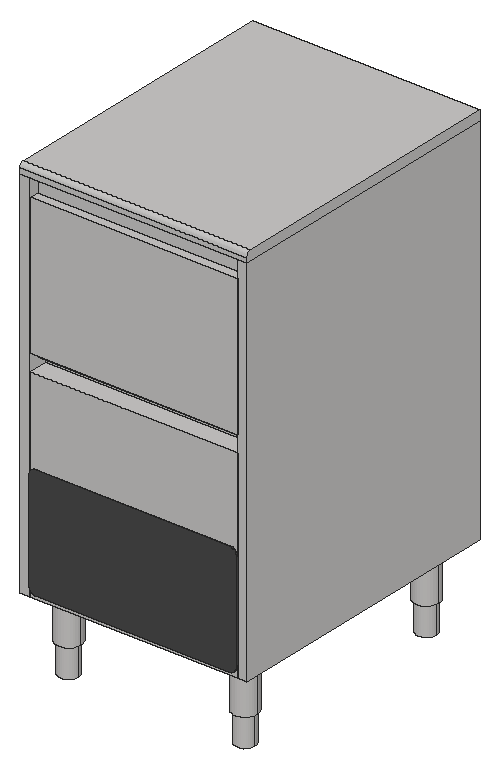
Revit family "QF_ELECTROLUXPROFESSIONAL_730287_IGE94I20SNP", category Attrezzature speciali, Revit 2018
Family settings
  Quota connettore circolare = Usa diametro
  Tipo di parte = Normale
  Basato su piano di lavoro = No
  Sempre verticale = Sì
  Taglio con vuoti quando caricato = No
  Condiviso = No
  Punto di calcolo locali = No
Parameters (values of type "Standard")
  Weight = 58.00 kg
  Watts = 0 W
  Volts = 220 V
  URL Manufacturer = "https://www.electroluxprofessional.com/"
  URL = "https://www.electroluxprofessional.com/"
  Steam Supply Size = 0 mm
  Steam Supply Minimum Pressure = 0.0 Pa
  Steam Supply Maximum Pressure = 0.0 Pa
  Steam Pounds per Hour = 0
  Show Logo [instance] = yes
  Show Clearance [instance] = yes
  Refrigeration Suction Line Size = 0 mm
  Refrigeration Liquid Line Size = 0 mm
  Refrigerant Compressor Remote = yes
  Produttore = "Electrolux Professional"
  Phase = 1
  Modello = "IGE94I20SNP"
  Length Actual = 465 mm  # constant formula
  Item Number = "730287"
  Hot Water Size = 0 mm
  Height Actual = 889 mm  # constant formula
  HP = "0 HP"
  Gas Size = 0 mm
  Gas KW = 0
  Gas Input Pressure = 0 W
  Descrizione = "AIR COOLED GRANULAR ICE XS 94KG/24H-BIN 20KG"
  Depth Actual = 595 mm  # constant formula
  Cycle = 50 Hz
  Condensate Return Size = 0 mm
  Compressed Air Volume = 0.0 L/s
  Compressed Air Size = 0 mm
  Compressed Air Pressure = 0.0 Pa
  Cold Water Size = 19.05 mm
  Accessory = yes
Reference planes
  plane 1 "Center X": y = 272.851
  plane 2: z = 0
  plane 3 "Center Y": x = -501.5
  plane 4 "LEFT": x = -734
  plane 5 "RIGHT": x = -269
  plane 6 "FRONT": y = -24.649
  plane 7 "BACK": y = 570.351
  plane 8: z = 155
  plane 9: z = 943
  plane 10: z = 923
  plane 11: x = -714
  plane 12: x = -289
  plane 13: y = 15.351
Forms (mm)
  Extrusion 1, solid, material "QF_Finishes_Black"
    sketch origin (-217.296, -24.649, 371.513) x (-1, 0, 0) y (0, 0, -1)
      loop
        arc (481.704, -21.487) -> (492.311, -17.093) -> (496.704, -6.487) r 15
        line (496.704, -6.487) -> (496.704, 194.469)
        arc (496.704, 194.469) -> (492.311, 205.075) -> (481.704, 209.469) r 15
        line (481.704, 209.469) -> (86.704, 209.469)
        arc (86.704, 209.469) -> (76.097, 205.075) -> (71.704, 194.469) r 15
        line (71.704, 194.469) -> (71.704, -6.487)
        arc (71.704, -6.487) -> (76.097, -17.093) -> (86.704, -21.487) r 15
        line (86.704, -21.487) -> (481.704, -21.487)
    from 0 to 2
  Extrusion 2, solid, material "QF_Finishes_Stainless Steel"
    sketch origin (-501.5, 0, 0) x (0, 1, 0) y (0, 0, 1)
      loop
        line (570.351, 923) -> (570.351, 943) -> (-14.649, 943)
        arc (-14.649, 943) -> (-21.72, 940.071) -> (-24.649, 933) r 10
        line (-24.649, 933) -> (-24.649, 923) -> (570.351, 923)
    from -232.5 to 232.5
  Extrusion 3, solid, material "QF_Finishes_Stainless Steel"
    sketch origin (-321.2, 570.351, -329.545) x (1, 0, 0) y (0, 0, -1)
      loop
        circle (-16.8, -655.545) r 10
    from 0 to 10
  Extrusion 4, solid, material "QF_Finishes_Stainless Steel"
    sketch origin (0, 0, 0) x (1, 0, 0) y (0, 1, 0)
      loop
        line (-734, 570.351) -> (-734, -24.649) -> (-714, -24.649) -> (-714, 570.351) -> (-734, 570.351)
    from 155 to 923
  Extrusion 5, solid, material "QF_Finishes_Stainless Steel"
    sketch origin (0, 0, 0) x (1, 0, 0) y (0, 1, 0)
      loop
        line (-289, 570.351) -> (-289, -24.649) -> (-269, -24.649) -> (-269, 570.351) -> (-289, 570.351)
    from 155 to 923
  Extrusion 6, solid, material "QF_Finishes_Stainless Steel"
    sketch origin (0, 0, 0) x (1, 0, 0) y (0, 1, 0)
      loop
        line (-714, 570.351) -> (-714, 15.351) -> (-289, 15.351) -> (-289, 570.351) -> (-714, 570.351)
    from 155 to 923
  Extrusion 7, solid, material "QF_Finishes_Stainless Steel"
    sketch origin (0, 0, 0) x (1, 0, 0) y (0, 1, 0)
      loop
        line (-714, -24.649) -> (-289, -24.649) -> (-289, 15.351) -> (-714, 15.351) -> (-714, -24.649)
    from 155 to 567.953
  Extrusion 8, solid, material "QF_Finishes_Stainless Steel"
    sketch origin (-501.5, 0, 0) x (0, 1, 0) y (0, 0, 1)
      loop
        line (15.351, 923) -> (-4.649, 923) -> (-4.649, 887) -> (-24.649, 887) -> (-24.649, 601.652) -> (-4.649, 601.652) -> (-4.649, 586.652) -> (15.351, 586.652) -> (15.351, 923)
    from -212.5 to 212.5
  Extrusion 9, solid, material "QF_Finishes_Stainless Steel"
    sketch origin (-303.2, 570.351, -440.545) x (1, 0, 0) y (0, 0, -1)
      loop
        circle (-16.8, -655.545) r 10
    from 0 to 10
  Extrusion 10, solid, material "QF_Finishes_Stainless Steel"
    sketch origin (-363.2, 570.351, -361.545) x (1, 0, 0) y (0, 0, -1)
      loop
        circle (-16.8, -655.545) r 10
    from 0 to 10
Lines and regions (mm)
  Split face 1
    outline origin (-501.5, -4.649, 923) x (0, 0, -1) y (1, 0, 0)
      loop
        line (5.715, 89.928) -> (30.715, 89.928) -> (30.715, 129.928) -> (5.715, 129.928) -> (5.715, 89.928)
  symbolic lines
    curve 1: line (-734, 570.351, 0) -> (-269, 570.351, 0)
    curve 2: line (-734, -24.649, 0) -> (-734, 570.351, 0)
    curve 3: line (-269, -24.649, 0) -> (-734, -24.649, 0)
    curve 4: line (-269, 570.351, 0) -> (-269, -24.649, 0)
Dimensions and locks
  equal spacing: plane 4 "LEFT", plane 3 "Center Y", plane 5 "RIGHT"
  plane 4 "LEFT" to plane 5 "RIGHT" = 465 mm
  equal spacing: plane 7 "BACK", plane 1 "Center X", plane 6 "FRONT"
  plane 7 "BACK" to plane 6 "FRONT" = 595 mm
  plane 8 to plane 2 = 155 mm
  plane 9 to plane 8 = 788 mm
  locked: plane 4 "LEFT" to plane 11 at 20
  locked: plane 12 to plane 5 "RIGHT" at 20
  locked: plane 9 to plane 10 at 20
  locked: plane 13 to plane 6 "FRONT" at 40
  aligned and locked: level to plane 2
  aligned and locked: plane 5 "RIGHT" to Extrusion 2
  aligned and locked: Extrusion 2 to plane 4 "LEFT"
  aligned and locked: Extrusion 4 sketch curve to Extrusion 2  (x2)
  aligned and locked: plane 6 "FRONT" to Extrusion 4 sketch curve
  aligned and locked: Extrusion 4 sketch curve to plane 11
  aligned and locked: Extrusion 5 sketch curve to plane 7 "BACK"
  aligned and locked: plane 12 to Extrusion 5 sketch curve
  aligned and locked: Extrusion 5 sketch curve to Extrusion 2  (x2)
  aligned and locked: plane 10 to Extrusion 4
  aligned and locked: plane 10 to Extrusion 5
  aligned and locked: Extrusion 4 to plane 8
  aligned and locked: Extrusion 5 to plane 8
  aligned and locked: Extrusion 6 sketch curve to Extrusion 4
  aligned and locked: Extrusion 4 to Extrusion 6 sketch curve
  aligned and locked: plane 13 to Extrusion 6 sketch curve
  aligned and locked: Extrusion 6 sketch curve to plane 12
  aligned and locked: plane 10 to Extrusion 6
  aligned and locked: Extrusion 6 to plane 8
  aligned and locked: Extrusion 4 to Extrusion 7 sketch curve
  aligned and locked: Extrusion 7 sketch curve to Extrusion 4
  aligned and locked: plane 13 to Extrusion 7 sketch curve
  aligned and locked: plane 12 to Extrusion 7 sketch curve
  aligned and locked: Extrusion 7 to plane 8
  aligned and locked: plane 12 to Extrusion 8
  aligned and locked: Extrusion 8 to plane 11
Automatic sketch dimensions
  curve 3 to plane 4 "LEFT" = 0 mm
  curve 3 to plane 5 "RIGHT" = 0 mm
  curve 3 to plane 6 "FRONT" = 0 mm
  curve 2 to plane 7 "BACK" = 0 mm
  Extrusion 1 sketch curve to plane 12 = 0 mm
  plane 8 to Extrusion 1 sketch curve = 7.044 mm
  Extrusion 1 sketch curve to Extrusion 1 sketch curve = 15 mm  (x3)
  plane 11 to Extrusion 1 sketch curve = 15 mm  (x2)
  Extrusion 1 sketch curve to Extrusion 1 sketch curve = 200.956 mm
  Extrusion 2 sketch curve to plane 6 "FRONT" = 0 mm
  Extrusion 2 sketch curve to plane 9 = 0 mm
  Extrusion 2 sketch curve to plane 7 "BACK" = 0 mm
  Extrusion 2 sketch curve to plane 10 = 0 mm
  plane 6 "FRONT" to Extrusion 2 sketch curve = 10 mm
  Extrusion 6 to Extrusion 3 sketch curve = 171 mm
  Extrusion 3 sketch curve to Extrusion 6 = 49 mm
  Split face 1 sketch curve to Extrusion 8 = 5.715 mm
  Extrusion 8 to Split face 1 sketch curve = 5.285 mm
  Split face 1 sketch curve to Extrusion 8 = 122.572 mm
  Split face 1 sketch curve to Split face 1 sketch curve = 40 mm
  Extrusion 9 sketch curve to Extrusion 6 = 31 mm
  Extrusion 6 to Extrusion 9 sketch curve = 60 mm
  Extrusion 10 sketch curve to Extrusion 6 = 91 mm
  Extrusion 6 to Extrusion 10 sketch curve = 139 mm
  Extrusion 8 sketch curve to plane 6 "FRONT" = 0 mm
  Extrusion 8 sketch curve to plane 10 = 0 mm
  Extrusion 8 sketch curve to plane 13 = 0 mm
  plane 6 "FRONT" to Extrusion 8 sketch curve = 20 mm
  Extrusion 8 sketch curve to Extrusion 8 sketch curve = 20 mm
  Extrusion 8 sketch curve to plane 10 = 36 mm
  Extrusion 8 sketch curve to Extrusion 8 sketch curve = 285.348 mm
  Extrusion 8 sketch curve to Extrusion 8 sketch curve = 15 mm
  radius of Extrusion 3 sketch curve = 10 mm
  radius of Extrusion 9 sketch curve = 10 mm
  radius of Extrusion 10 sketch curve = 10 mm
Nested families
  nested 1: "Foot_Complete" at (-682, 35.351, 0), type "Foot_Complete"
    with H 155 mm
  nested 2: "Foot_Complete" at (-321, 35.351, 0) x (-1, 0, 0) z (0, 0, 1), type "Foot_Complete"
    with H 155 mm
  nested 3: "Foot_Complete" at (-682, 499.351, 0), type "Foot_Complete"
    with H 155 mm
  nested 4: "Foot_Complete" at (-321, 499.351, 0) x (-1, 0, 0) z (0, 0, 1), type "Foot_Complete"
    with H 155 mm
Connectors
  electrical at (-320, 580.351, 215), driven by "Volts"
    settings: on Extrusion 9, index 1, voltage 220 V, apparent load 0 VA, apparent load phase1 0 VA, apparent load phase2 0 VA, apparent load phase3 0 VA, power factor 1, load classification "Altro", number of poles 1, system type 30, power factor state 1, is connector primary yes, connector utility no, sub classification motor no, connector description "Electrical Connection"
  piping at (-338, 580.351, 326), diameter 20
    settings: on Extrusion 3, index 2, connector inside diameter 609.6 mm, connector length 0 mm, flow factor 0, pipe flow 0.0 L/s, pressure drop 0.0 Pa, fitting loss kfactor 0, connector angle 0.00°, fixture units 0, engagement length 0 mm, angle of deflection 0.00°, flow configuration 0, flow direction 0, fitting loss method 0, system type 20, joint type 0, gender type 0, connector reference index -1, connector utility 0, adjustable connector no, is connector primary yes, connector description "Cold water"
  piping at (-380, 580.351, 294), diameter 20
    settings: on Extrusion 10, index 3, connector inside diameter 609.6 mm, connector length 0 mm, flow factor 0, pipe flow 0.0 L/s, pressure drop 0.0 Pa, fitting loss kfactor 0, connector angle 0.00°, fixture units 0, engagement length 0 mm, angle of deflection 0.00°, flow configuration 0, flow direction 0, fitting loss method 0, system type 16, joint type 0, gender type 0, connector reference index -1, connector utility 0, adjustable connector no, is connector primary no, connector description "Drain"
Definition of nested family "Foot_Complete"
  Parameters (values of type "Foot_Complete")
    R = 25 mm
    H = 153 mm
  Reference planes
    plane 1 "Centro (Fronte/Retro)": y = 0
    plane 2: z = 0
    plane 3 "Centro (Sinistra/Destra)": x = 0
    plane 4: z = 153
  Forms (mm)
    Revolve 1, solid
      sketch origin (255.05, 0, 608.09) x (0, 0, 1) y (-1, 0, 0)
        loop
          line (-608.09, 255.05) -> (-608.09, 235.05) -> (-548.09, 235.05) -> (-548.09, 230.05) -> (-455.09, 230.05) -> (-455.09, 255.05) -> (-608.09, 255.05)
        axis (-608.09, 255.05) -> (-455.09, 255.05)
      angle from 0 to 360
  Dimensions and locks
    level to Revolve 1 sketch curve = 60 mm
    "R": Revolve 1 sketch curve to plane 3 "Centro (Sinistra/Destra)"
    "H": plane 4 to level
    aligned and locked: level to plane 2
    aligned and locked: plane 4 to Revolve 1 sketch curve
    aligned and locked: Revolve 1 sketch curve to level
    aligned and locked: plane 3 "Centro (Sinistra/Destra)" to Revolve 1 sketch curve
  Automatic sketch dimensions
    Revolve 1 sketch curve to plane 3 "Centro (Sinistra/Destra)" = 0 mm
    plane 3 "Centro (Sinistra/Destra)" to Revolve 1 sketch curve = 20 mm
    Revolve 1 sketch curve to Revolve 1 sketch curve = 50 mm
    Revolve 1 sketch curve to Revolve 1 sketch curve = 20 mm
